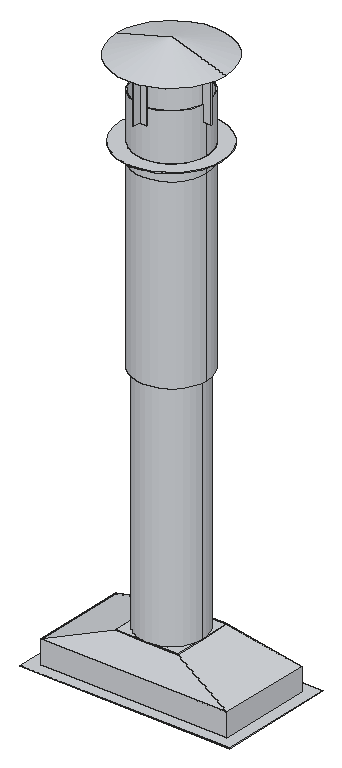
Revit family "NLS", category Mechanical Equipment, Revit 2015
Parameters
  URL = "https://unitedenertech.com/catalog/pdf/B_15%20NLS.pdf"
  Type Comments = "Consult Factory for Max. Sizes"
  Model = "NLS"
  Manufacturer = "United Enertech Corporation"
  E = if(D < 1' 2 1/8", 0' 6", if(D < 1' 8 1/8", 0' 9", if(D > 1' 8 1/8", 1' 0", 1' 0")))  # 0' - 6"
  Description = "No Loss Stackhead"
  D/2 + 3" [instance] = D / 2 + 0' 3"  # 0' - 7"
  D/2 + 2.5" [instance] = D / 2 + 0' 2 1/2"  # 0' - 6 1/2"
  D/2 + 1/2 + .1196 [instance] = D / 2 + 0' 0 159/256"  # 0' - 4 159/256"
  D/2 + 1/2 + .0598 [instance] = D / 2 + 0' 0 143/256"  # 0' - 4 143/256"
  D/2 + 1/2 [instance] = D / 2 + 0' 0 1/2"  # 0' - 4 1/2"
  D/2 + .0598 [instance] = D / 2 + 0' 0 15/256"  # 0' - 4 15/256"
  D/2 [instance] = D / 2  # 0' - 4"
  D+1 [instance] = D + 0' 1"  # 0' - 9"
  D = 0' - 8"
  China Cap Option = yes
  Cap Angle Height [instance] = D / 2 + 0' 2"  # 0' - 6"
  C = 3' - 0"
  B = 1' - 0"
  A = 2' - 0"
  4D [instance] = 4 * D  # 2' - 8"
Reference planes (in)
  plane 1 "Center (Front/Back)": y = 0
  plane 2: z = 0
  plane 3 "Center (Left/Right)": x = 0
  plane 4: y = 6
  plane 5: y = -6
  plane 6: x = -12
  plane 7: x = 12
  plane 8: x = -4
  plane 9: x = 4
  plane 10: y = -4
  plane 11: y = 4
  plane 12: x = -13.5
  plane 13: y = 7.5
  plane 14: x = 13.5
  plane 15: y = -7.5
  plane 16: x = -11.9402
  plane 17: y = 5.9402
  plane 18: x = 11.9402
  plane 19: y = -5.9402
  plane 20: z = 0.0598
  plane 21: z = 3
  plane 22: z = 6
  plane 23: z = 5.9402
  plane 24: x = -3.9402
  plane 25: y = 3.9402
  plane 26: x = 3.9402
  plane 27: y = -3.9402
  plane 28: z = 36
  plane 29: z = 42
  plane 30: z = 68
  plane 31: z = 62
  plane 32: z = 61.9402
  plane 33: z = 59.9402
  plane 34: z = 72
  plane 35: z = 66
  plane 36: y = -4.5
  plane 37: y = 4.5
  plane 38: x = -4.5
  plane 39: x = 4.5
  plane 40: z = 74
Forms (in)
  Extrusion 1, solid
    sketch origin (0, 0, 0) x (1, 0, 0) y (0, 1, 0)
      loop
        line (-13.5, -7.5) -> (13.5, -7.5) -> (13.5, 7.5) -> (-13.5, 7.5) -> (-13.5, -7.5)
      loop
        line (-11.9402, -5.9402) -> (11.9402, -5.9402) -> (11.9402, 5.9402) -> (-11.9402, 5.9402) -> (-11.9402, -5.9402)
    from 0 to 0.0598
  Extrusion 2, solid
    sketch origin (0, 0, 0) x (1, 0, 0) y (0, 1, 0)
      loop
        line (-11.9402, -5.9402) -> (11.9402, -5.9402) -> (11.9402, 5.9402) -> (-11.9402, 5.9402) -> (-11.9402, -5.9402)
      loop
        line (-12, -6) -> (12, -6) -> (12, 6) -> (-12, 6) -> (-12, -6)
    from 0.0598 to 3
  Extrusion 3, solid
    sketch origin (0, 0, 0) x (1, 0, 0) y (0, 1, 0)
      loop
        line (-4, -4) -> (4, -4) -> (4, 4) -> (-4, 4) -> (-4, -4)
    from 5.9402 to 6
  Blend 4, solid
    base sketch origin (0, 0, 0) x (1, 0, 0) y (0, 1, 0)
      loop
        line (-4, 4) -> (-4, -4) -> (4, -4) -> (4, 4) -> (-4, 4)
    top sketch origin (0, 0, 0) x (1, 0, 0) y (0, 1, 0)
      loop
        line (-12, 6) -> (-12, -6) -> (12, -6) -> (12, 6) -> (-12, 6)
    from 5.9402 to 3
  Blend 5, void
    base sketch origin (0, 0, 0) x (1, 0, 0) y (0, 1, 0)
      loop
        line (11.9402, -5.9402) -> (11.9402, 5.9402) -> (-11.9402, 5.9402) -> (-11.9402, -5.9402) -> (11.9402, -5.9402)
    top sketch origin (0, 0, 0) x (1, 0, 0) y (0, 1, 0)
      loop
        line (-3.9402, 3.9402) -> (-3.9402, -3.9402) -> (3.9402, -3.9402) -> (3.9402, 3.9402) -> (-3.9402, 3.9402)
    from 3 to 5.9402
  Extrusion 6, void
    sketch origin (0, 0, 0) x (1, 0, 0) y (0, 1, 0)
      loop
        circle (0, 0) r 4
    from 5.9402 to 6
  Extrusion 7, solid
    sketch origin (0, 0, 0) x (1, 0, 0) y (0, 1, 0)
      loop
        circle (0, 0) r 4
      loop
        circle (0, 0) r 4.05859
    from 6 to 42
  Extrusion 8, solid
    sketch origin (0, 0, 0) x (1, 0, 0) y (0, 1, 0)
      loop
        circle (0, 0) r 4.5
      loop
        circle (0, 0) r 4.55859
    from 36 to 68
  Extrusion 9, solid
    sketch origin (0, 0, 0) x (1, 0, 0) y (0, 1, 0)
      loop
        circle (0, 0) r 4.5
      loop
        circle (0, 0) r 6.5
    from 62 to 61.9402
  Extrusion 10, solid
    sketch origin (0, 0, 0) x (1, 0, 0) y (0, 1, 0)
      loop
        circle (0, 0) r 4.5
      loop
        circle (0, 0) r 4.62109
    from 59.9402 to 61.9402
  Blend 11, solid, visible <- "China Cap Option"
    base sketch origin (0, 0, 0) x (1, 0, 0) y (0, 1, 0)
      loop
        circle (0, 0) r 7
    top sketch origin (0, 0, 0) x (1, 0, 0) y (0, 1, 0)
      loop
        circle (0, 0) r 0.03203
    from 72 to 74
Cuts and joins
  Blend 5, Extrusion 6 cuts Extrusion 3
  Blend 5, Extrusion 6 cuts Blend 4
Dimensions and locks (in)
  equal spacing: plane 6, plane 3 "Center (Left/Right)", plane 7
  "A": plane 6 to plane 7
  equal spacing: plane 4, plane 1 "Center (Front/Back)", plane 5
  "B": plane 4 to plane 5
  equal spacing: plane 11, plane 1 "Center (Front/Back)", plane 10
  "D": plane 11 to plane 10
  equal spacing: plane 8, plane 3 "Center (Left/Right)", plane 9
  "D": plane 8 to plane 9
  locked: plane 12 to plane 6 at 1.5
  locked: plane 13 to plane 4 at 1.5
  locked: plane 15 to plane 5 at 1.5
  locked: plane 7 to plane 14 at 1.5
  locked: plane 6 to plane 16 at 0.0598
  locked: plane 18 to plane 7 at 0.0598
  locked: plane 4 to plane 17 at 0.0598
  locked: plane 5 to plane 19 at 0.0598
  locked: plane 20 to level at 0.0598
  locked: plane 21 to level at 3
  locked: plane 22 to plane 21 at 3
  locked: plane 22 to plane 23 at 0.0598
  locked: plane 8 to plane 24 at 0.0598
  locked: plane 26 to plane 9 at 0.0598
  locked: plane 11 to plane 25 at 0.0598
  locked: plane 27 to plane 10 at 0.0598
  "C": plane 28 to level
  "E": plane 29 to plane 28
  "4D": plane 30 to plane 28
  locked: plane 31 to plane 32 at 0.0598
  locked: plane 30 to plane 31 at 6
  locked: plane 32 to plane 33 at 2
  "D/2": plane 34 to plane 30
  locked: plane 30 to plane 35 at 2
  equal spacing: plane 37, plane 1 "Center (Front/Back)", plane 36
  "D+1": plane 37 to plane 36
  equal spacing: plane 38, plane 3 "Center (Left/Right)", plane 39
  "D+1": plane 38 to plane 39
  locked: plane 40 to plane 34 at 2
  "D/2": radius of Extrusion 6 sketch curve
  "D/2": radius of Extrusion 7 sketch curve
  "D/2 + 1/2": radius of Extrusion 8 sketch curve
  "D/2 + 1/2": radius of Extrusion 9 sketch curve
  "D/2 + 1/2": radius of Extrusion 10 sketch curve
  "D/2 + 3"": radius of Blend 11 sketch curve
  "D/2 + .0598": radius of Extrusion 7 sketch curve
  "D/2 + 1/2 + .0598": radius of Extrusion 8 sketch curve
  "D/2 + 2.5"": radius of Extrusion 9 sketch curve
  "D/2 + 1/2 + .1196": radius of Extrusion 10 sketch curve
  aligned and locked: level to plane 2
  aligned and locked: plane 17 to Extrusion 1 sketch curve
  aligned and locked: plane 18 to Extrusion 1 sketch curve
  aligned and locked: plane 19 to Extrusion 1 sketch curve
  aligned and locked: plane 16 to Extrusion 1 sketch curve
  aligned and locked: plane 12 to Extrusion 1 sketch curve
  aligned and locked: plane 13 to Extrusion 1 sketch curve
  aligned and locked: plane 14 to Extrusion 1 sketch curve
  aligned and locked: plane 15 to Extrusion 1 sketch curve
  aligned and locked: Extrusion 1 to level
  aligned and locked: plane 20 to Extrusion 1
  aligned and locked: Extrusion 2 sketch curve to plane 6
  aligned and locked: plane 4 to Extrusion 2 sketch curve
  aligned and locked: Extrusion 2 sketch curve to plane 5
  aligned and locked: plane 7 to Extrusion 2 sketch curve
  aligned and locked: plane 18 to Extrusion 2 sketch curve
  aligned and locked: plane 17 to Extrusion 2 sketch curve
  aligned and locked: plane 19 to Extrusion 2 sketch curve
  aligned and locked: plane 16 to Extrusion 2 sketch curve
  aligned and locked: plane 21 to Extrusion 2
  aligned and locked: Extrusion 2 to plane 20
  aligned and locked: plane 9 to Extrusion 3 sketch curve
  aligned and locked: plane 11 to Extrusion 3 sketch curve
  aligned and locked: plane 8 to Extrusion 3 sketch curve
  aligned and locked: Extrusion 3 sketch curve to plane 10
  aligned and locked: Extrusion 3 to plane 23
  aligned and locked: plane 22 to Extrusion 3
  aligned and locked: Blend 4 sketch curve to plane 8
  aligned and locked: Blend 4 sketch curve to plane 11
  aligned and locked: Blend 4 sketch curve to plane 9
  aligned and locked: plane 10 to Blend 4 sketch curve
  aligned and locked: Blend 4 sketch curve to plane 4
  aligned and locked: Blend 4 sketch curve to plane 7
  aligned and locked: plane 6 to Blend 4 sketch curve
  aligned and locked: plane 5 to Blend 4 sketch curve
  aligned and locked: plane 23 to Blend 4
  aligned and locked: Blend 4 to plane 21
  aligned and locked: Blend 5 sketch curve to plane 17
  aligned and locked: Blend 5 sketch curve to plane 16
  aligned and locked: Blend 5 sketch curve to plane 19
  aligned and locked: Blend 5 sketch curve to plane 18
  aligned and locked: Blend 5 sketch curve to plane 27
  aligned and locked: Blend 5 sketch curve to plane 26
  aligned and locked: Blend 5 sketch curve to plane 24
  aligned and locked: Blend 5 sketch curve to plane 25
  aligned and locked: Blend 5 to plane 21
  aligned and locked: plane 23 to Blend 5
  aligned and locked: Extrusion 6 to plane 23
  aligned and locked: plane 22 to Extrusion 6
  aligned and locked: plane 29 to Extrusion 7
  aligned and locked: Extrusion 7 to plane 22
  aligned and locked: Extrusion 8 to plane 28
  aligned and locked: plane 30 to Extrusion 8
  aligned and locked: Extrusion 9 to plane 32
  aligned and locked: plane 31 to Extrusion 9
  aligned and locked: Extrusion 10 to plane 33
  aligned and locked: plane 32 to Extrusion 10
  aligned and locked: plane 1 "Center (Front/Back)" to nested 1
  aligned and locked: nested 2 to plane 1 "Center (Front/Back)"
  aligned and locked: nested 4 to plane 3 "Center (Left/Right)"
  aligned and locked: plane 3 "Center (Left/Right)" to nested 3
  aligned and locked: plane 36 to nested 4
  aligned and locked: plane 38 to nested 2
  aligned and locked: nested 3 to plane 37
  aligned and locked: nested 1 to plane 39
  aligned and locked: nested 1 to plane 35
  aligned and locked: nested 4 to plane 35
  aligned and locked: nested 3 to plane 35
  aligned and locked: nested 2 to plane 35
  aligned and locked: Blend 11 to plane 34
  aligned and locked: plane 40 to Blend 11
Automatic sketch dimensions
  plane 1 "Center (Front/Back)" to Blend 11 sketch curve = 0' - 0"  (x2)
  Blend 11 sketch curve to plane 3 "Center (Left/Right)" = 0' - 0"  (x2)
  plane 1 "Center (Front/Back)" to Extrusion 6 sketch curve = 0' - 0"
  Extrusion 6 sketch curve to plane 3 "Center (Left/Right)" = 0' - 0"
  Extrusion 7 sketch curve to Extrusion 7 sketch curve = 0' - 0"  (x2)
  plane 1 "Center (Front/Back)" to Extrusion 7 sketch curve = 0' - 0"
  Extrusion 7 sketch curve to plane 3 "Center (Left/Right)" = 0' - 0"
  Extrusion 8 sketch curve to Extrusion 8 sketch curve = 0' - 0"  (x2)
  plane 1 "Center (Front/Back)" to Extrusion 8 sketch curve = 0' - 0"
  Extrusion 8 sketch curve to plane 3 "Center (Left/Right)" = 0' - 0"
  Extrusion 9 sketch curve to Extrusion 9 sketch curve = 0' - 0"  (x2)
  plane 1 "Center (Front/Back)" to Extrusion 9 sketch curve = 0' - 0"
  Extrusion 9 sketch curve to plane 3 "Center (Left/Right)" = 0' - 0"
  Extrusion 10 sketch curve to Extrusion 10 sketch curve = 0' - 0"  (x2)
  plane 1 "Center (Front/Back)" to Extrusion 10 sketch curve = 0' - 0"
  Extrusion 10 sketch curve to plane 3 "Center (Left/Right)" = 0' - 0"
  radius of Blend 11 sketch curve = 0' - 0.03203"
Nested families (in)
  nested 1: "Cap Angles" at (5, 0, 66), visible <- "China Cap Option", type "Cap Angles"
  nested 2: "Cap Angles" at (-5, 0, 66) x (-1, 0, 0) z (0, 0, 1), visible <- "China Cap Option", type "Cap Angles"
  nested 3: "Cap Angles" at (0, 5, 66) x (0, 1, 0) z (0, 0, 1), visible <- "China Cap Option", type "Cap Angles"
  nested 4: "Cap Angles" at (0, -5, 66) x (0, -1, 0) z (0, 0, 1), visible <- "China Cap Option", type "Cap Angles"
Definition of nested family "Cap Angles"
  Parameters (values of type "Cap Angles")
    H = 0' - 6"
  Reference planes (in)
    plane 1 "Center (Front/Back)": y = 0
    plane 2: z = 0
    plane 3 "Center (Left/Right)": x = 0
    plane 4: x = -0.5
    plane 5: x = 0.5
    plane 6: y = -0.5
    plane 7: y = 0.5
    plane 8: y = -0.375
    plane 9: x = -0.375
    plane 10: z = 6
  Forms (in)
    Extrusion 1, solid
      sketch origin (0, 0, 0) x (1, 0, 0) y (0, 1, 0)
        loop
          line (-0.5, -0.5) -> (0.5, -0.5) -> (0.5, -0.375) -> (-0.375, -0.375) -> (-0.375, 0.5) -> (-0.5, 0.5) -> (-0.5, -0.5)
      from 0 to 6
  Dimensions and locks (in)
    equal spacing: plane 4, plane 3 "Center (Left/Right)", plane 5
    locked: plane 4 to plane 5 at 1
    equal spacing: plane 7, plane 1 "Center (Front/Back)", plane 6
    locked: plane 7 to plane 6 at 1
    locked: plane 4 to plane 9 at 0.125
    locked: plane 8 to plane 6 at 0.125
    "H": plane 10 to level
    aligned and locked: level to plane 2
    aligned and locked: plane 6 to Extrusion 1 sketch curve
    aligned and locked: Extrusion 1 sketch curve to plane 5
    aligned and locked: Extrusion 1 sketch curve to plane 8
    aligned and locked: Extrusion 1 sketch curve to plane 9
    aligned and locked: Extrusion 1 sketch curve to plane 7
    aligned and locked: Extrusion 1 sketch curve to plane 4
    aligned and locked: plane 10 to Extrusion 1
